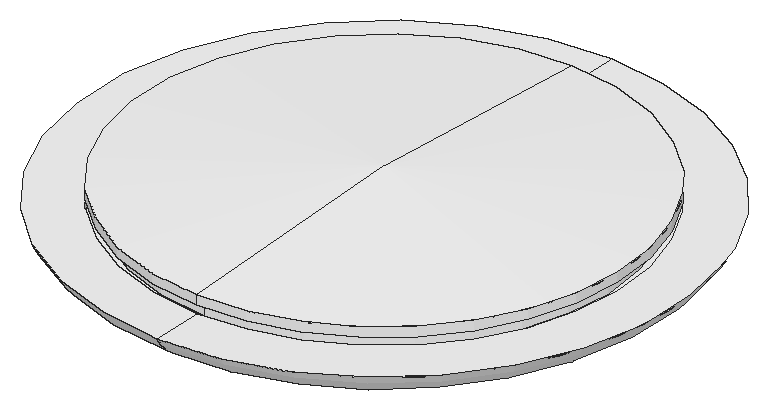
Revit family "Reece_Bath_Posh_Solus_Back to Wall Bath_Freestanding", category Plumbing Fixtures, Revit 2018
Family settings
  Round Connector Dimension = Use Diameter
  Part Type = Normal
  Work Plane-Based = Yes
  Always vertical = Yes
  Cut with Voids When Loaded = Yes
  Shared = Yes
  Room Calculation Point = Yes
Parameters (values of type "1600x760x560 mm_250 ltr_White")
  URL = "https://www.reece.com.au/product/-1709153"
  Type Comments = "Bath"
  Reece_Product_Web Page = "https://www.reece.com.au/product/-1709153"
  Reece_Product_Type = "Bath"
  Reece_Product_Sub Brand = "Solus"
  Reece_Product_Number = "1709153"
  Reece_Product_Mount = "Floor Mounted"
  Reece_Product_Description = "Posh Solus Back To Wall Freestanding Bath 1600mm"
  Reece_Product_Brand = "Posh"
  Reece_Overall_Width = 760 mm  # constant formula
  Reece_Overall_Length = 1600 mm  # constant formula
  Reece_Overall_Height = 560 mm  # constant formula
  Reece_Overall_Capacity = 250.00 L  # constant formula
  Reece_Material_Secondary = Reece_Brass_Chrome
  Reece_Material_Main = Reece_Acrylic_White
  Reece_Detail_Material = "Sanitary Grade Acrylic"
  Reece_Detail_Disclaimer = "THIS FILE IS THE PROPERTY OF THE REECE GROUP. IT MAY NOT BE REPRODUCED, REVERSE-ENGINEERED OR MODIFIED. ANY REPUBLICATION, TRANSMISSION OR DISTRIBUTION FOR THE PURPOSE OF COMMERCIALLY EXPLOITING THE FILES IS PROHIBITED."  # constant formula
  Reece_Detail_Connector = ""
  Reece_Detail_Additional = "Freestanding"
  Reece_Bath_Outlet = 40 mm  # constant formula
  Model = "Solus"
  Manufacturer = "Posh"
  Keynote = "Product #1709153, Reece_Bath_Posh_Solus_Back to Wall Bath_Freestanding - 1600x760x560 mm_250 ltr_White"
  Disclaimer = "THIS FILE IS THE PROPERTY OF THE REECE GROUP. IT MAY NOT BE REPRODUCED, REVERSE-ENGINEERED OR MODIFIED. ANY REPUBLICATION, TRANSMISSION OR DISTRIBUTION FOR THE PURPOSE OF COMMERCIALLY EXPLOITING THE FILES IS PROHIBITED."  # constant formula
  Description = "Back to Wall Bath\r\n9508005"
  Default Elevation = 0 mm
Reference planes
  plane 1 "Center (Front/Back)": y = 0
  plane 2 "Bottom Host Plane": z = 0
  plane 3 "Center (Left/Right)": x = 0
  plane 4: x = -800
  plane 5: y = 0
  plane 6: y = -760
  plane 7: x = 800
  plane 8 "Top Host Plane": z = 560
  plane 9: x = -550
  plane 10: x = 550
  plane 11: x = -765
  plane 12: y = -35
  plane 13: y = -620
  plane 14: x = 765
  plane 15: y = -725
  plane 16: z = 110
  plane 17: y = -380
  plane 18: y = -140
Forms (mm)
  Revolve 1, solid, material "Reece_Brass_Chrome" <- "Reece_Material_Secondary"
    sketch origin (0, -560, 3) x (0, 1, 0) y (0, 0, 1)
      loop
        line (138.255, 107) -> (138.255, 104.492) -> (180, 104.492) -> (180, 111.036)
        arc (180, 111.036) -> (158.174, 110.75) -> (136.443, 108.702) r 270.086
        line (136.443, 108.702) -> (136.443, 107) -> (138.255, 107)
      loop
        line (136.033, 100) -> (180, 100) -> (180, 103) -> (136.443, 103) -> (136.443, 105.61) -> (127, 105.61)
        arc (127, 105.61) -> (130.717, 101.517) -> (136.033, 100) r 10.078
      axis (180, 111.036) -> (180, 100)
    angle from 0 to 360
Text (mm)
  text "Reece ©" at (2856.045, -1916.783, 3243.985), in view "Reece Preview"
  text "Reece ©" at (1631.025, -1085.127, -1020.679), in view "Ref. Level"
Dimensions and locks
  "Reece_Overall_Height": level to plane 8 "Top Host Plane"
  "Reece_Overall_Length": plane 4 to plane 7
  "Reece_Overall_Width": plane 5 to plane 6
  equal spacing: plane 4, plane 3 "Center (Left/Right)", plane 7
  plane 2 "Bottom Host Plane" to level = 0 mm
  locked: plane 4 to plane 9 at 250
  locked: plane 10 to plane 7 at 250
  locked: plane 12 to plane 5 at 35
  locked: plane 14 to plane 7 at 35
  locked: plane 4 to plane 11 at 35
  locked: plane 6 to plane 15 at 35
  locked: plane 15 to plane 13 at 105
  plane 8 "Top Host Plane" to plane 16 = 450 mm
  plane 5 to plane 17 = 380 mm
  locked: plane 12 to plane 18 at 105
  plane 9 to plane 10 = 1100 mm
  plane 13 to plane 18 = 480 mm
  plane 8 "Top Host Plane" to level = 560 mm
Automatic sketch dimensions
  Revolve 1 sketch curve to plane 16 = 0 mm
  plane 1 "Center (Front/Back)" to Revolve 1 sketch curve = 380 mm  (x3)
  plane 1 "Center (Front/Back)" to Revolve 1 sketch curve = 387.377 mm
  Revolve 1 sketch curve to plane 16 = 2.508 mm
  plane 1 "Center (Front/Back)" to Revolve 1 sketch curve = 421.745 mm
  Revolve 1 sketch curve to Revolve 1 sketch curve = 1.811 mm  (x2)
  Revolve 1 sketch curve to Revolve 1 sketch curve = 0.41 mm
  Revolve 1 sketch curve to plane 16 = 1.39 mm
  Revolve 1 sketch curve to Revolve 1 sketch curve = 1.492 mm
  Revolve 1 sketch curve to Revolve 1 sketch curve = 3 mm
  Revolve 1 sketch curve to level = 155.949 mm
  Revolve 1 sketch curve to Revolve 1 sketch curve = 1.376 mm
  Revolve 1 sketch curve to level = 44.911 mm
  Revolve 1 sketch curve to Revolve 1 sketch curve = 9.443 mm
  Revolve 1 sketch curve to Revolve 1 sketch curve = 81.089 mm
Connectors
  piping at (0, -380, 106), diameter 40, driven by "Reece_Bath_Outlet"
    settings: on Revolve 1, index 2, connector inside diameter 609.6 mm, connector length 0 mm, flow factor 0, pipe flow 0.0 L/s, pressure drop 0.0 Pa, fitting loss kfactor 0, connector angle 0.00°, fixture units 0, engagement length 0 mm, angle of deflection 0.00°, flow configuration 0, flow direction 2, fitting loss method 0, system type 16, joint type 0, gender type 0, connector reference index -1, connector utility 0, adjustable connector no, is connector primary yes, connector description ""
